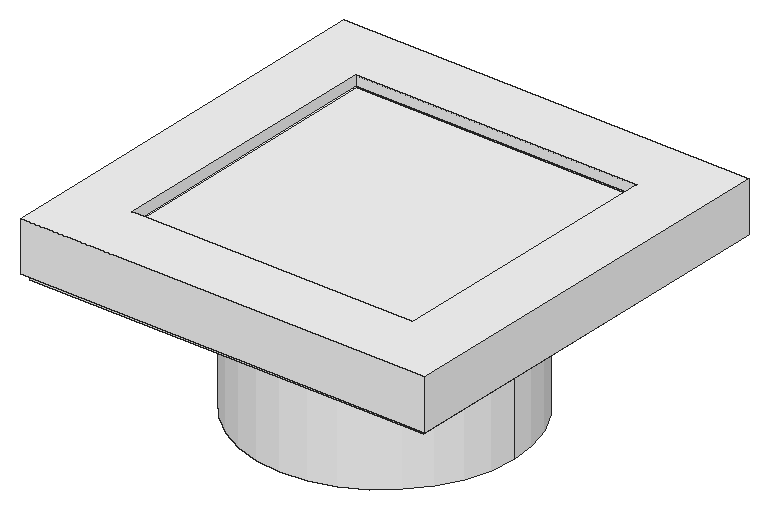
Revit family "Gira_012726", category Electrical Fixtures, host Face, Revit 2017
Family settings
  Host = Face
  Maintain Annotation Orientation = Yes
  Round Connector Dimension = Use Diameter
  Part Type = Normal
  Cut with Voids When Loaded = No
  Shared = No
  Room Calculation Point = No
Parameters (values of type "PB sw. interm.sw. System 55 c.alum.")
  With mounting plate = "No"
  Wiring system = "Intermediate switch"
  White [instance] = White
  Washing machine switch = "No"
  URL = "http://katalog.gira.de/en/datenblatt.html?artikelnr=012726"
  Type of fastening = "Mounting with claw and screw"
  Surface protection = "Other"
  Suitable for degree of protection (IP) = "IP20"
  Rated current = "10"
  Push button switch = "Yes"
  Number of rockers = "1"
  Number of modules (module system) = "1"
  Nominal voltage = "250"
  Name = "PB sw. interm.sw. System 55 c.alum."
  Mounting method = "Flush mounted (plaster)"
  Model = "Sys55_Komplettgerät_Schalten und Tasten"
  Method of operation = "Rocker/button"
  Material quality = "Thermoplastic"
  Material = "Plastic"
  Manufacturer URL = "https://www.gira.de/"
  Manufacturer = "Gira"
  Label space/information surface = "No"
  Illumination = "No"
  HeinzeBIM = "https://bimportal.heinze.de/bim/pb-sw-interm-sw-system-55-c-alum-/b68f160dfbaa5e9dd670ad837312954e21478e20"
  Halogen free = "Yes"
  HAN = "012726"
  GTIN = "4010337127260"
  Feedback-signal contact = "No"
  Description = "PB sw.interm.sw. Sys55 CAl,Pushbutton switch 10 AX 250 V~ with rocker,Intermediate switch,colour aluminium,"
  Default Elevation = 1219.2 mm
  Data sheet (1) = "https://katalog.gira.de/en/download.html?artikelnr=012726"
  Connection type = "Plug clamp"
  Colour = "Aluminium"
  Category = "Switch"
  BIM (1) = "https://media.stage.bim.site/public/gira/36a6b08/Sys55_Komplettgerät_Schalten und Tasten.rfa?public/gira/36a6b08/Sys55_Komplettgerät_Schalten und Tasten.rfa"
  Available = "No"
  Assembly arrangement = "Basic element with central cover plate"
Reference planes
  plane 1 "Center (Front/Back)": y = 0
  plane 2: z = 0
  plane 3 "Center (Left/Right)": x = 0
Forms (mm)
  Extrusion 1, solid, material "White" <- "White", detail levels medium
    sketch origin (0, 0, 0) x (1, 0, 0) y (0, 1, 0)
      loop
        line (-40.4, 40.4) -> (-40.4, -40.4) -> (40.4, -40.4) -> (40.4, 40.4) -> (-40.4, 40.4)
      loop
        line (-28, 28) -> (-28, -28) -> (28, -28) -> (28, 28) -> (-28, 28)
    from 0 to 10
  Extrusion 2, solid, material "White" <- "White", detail levels fine
    sketch origin (0, 0, 0) x (1, 0, 0) y (0, 1, 0)
      loop
        line (-40.4, 40.4) -> (-40.4, -40.4) -> (40.4, -40.4) -> (40.4, 40.4) -> (-40.4, 40.4)
      loop
        line (-28, 28) -> (-28, -28) -> (28, -28) -> (28, 28) -> (-28, 28)
    from 0 to 10
  Extrusion 3, void
    sketch origin (0, 0, 0) x (1, 0, 0) y (0, 1, 0)
      loop
        line (-38.4, 38.4) -> (-38.4, -38.4) -> (38.4, -38.4) -> (38.4, 38.4) -> (-38.4, 38.4)
    from 0 to 8
  Extrusion 4, solid, material "White" <- "White", detail levels medium+fine
    sketch origin (0, 0, 0) x (1, 0, 0) y (0, 1, 0)
      loop
        line (-39.4, 39.4) -> (-39.4, -39.4) -> (39.4, -39.4) -> (39.4, 39.4) -> (-39.4, 39.4)
    from 0 to -1
  Extrusion 5, solid, material "White" <- "White", detail levels medium+fine
    sketch origin (0, 0, 0) x (1, 0, 0) y (0, 1, 0)
      loop
        line (-35.5, 35.5) -> (-35.5, -35.5) -> (35.5, -35.5) -> (35.5, 35.5) -> (-35.5, 35.5)
    from -2 to -3
  Extrusion 6, solid, material "White" <- "White", detail levels medium+fine
    sketch origin (0, 0, 0) x (1, 0, 0) y (0, 1, 0)
      loop
        circle (0, 0) r 26
    from 0 to -27.5
  Extrusion 7, solid, material "White" <- "White", detail levels coarse
    sketch origin (0, 0, 0) x (1, 0, 0) y (0, 1, 0)
      loop
        line (-40.4, 40.4) -> (-40.4, -40.4) -> (40.4, -40.4) -> (40.4, 40.4) -> (-40.4, 40.4)
    from -27.5 to 10
Cuts and joins
  Extrusion 3 cuts Extrusion 2
Dimensions and locks
  aligned and locked: plane 2 to host face
  aligned and locked: level to host face
  aligned and locked: plane 3 "Center (Left/Right)" to nested 2
  aligned and locked: plane 1 "Center (Front/Back)" to nested 2
Nested families
  nested 1: "Sys55_Abdeckung_Schalten und Tasten_floor_base" at (0, 0, 0), type "Sys55_Abdeckung_Schalten und Tasten_floor_base"
  nested 2: "Schalter" at (0, 0, 0), type "Schalter"
Connectors
  electrical at (0, 0, -27.5)
    settings: on Extrusion 6, index 1, voltage 220 V, apparent load 0 VA, apparent load phase1 0 VA, apparent load phase2 0 VA, apparent load phase3 0 VA, power factor 1, load classification "Other", number of poles 1, system type 30, power factor state 1, is connector primary yes, connector utility no, sub classification motor no, connector description ""
Definition of nested family "Sys55_Abdeckung_Schalten und Tasten_floor_base"
  Parameters
    Default Elevation = 1219.2 mm
    White [instance] = none
  Reference planes
    plane 1 "Center (Front/Back)": y = 0
    plane 2: z = 0
    plane 3 "Center (Left/Right)": x = 0
  Forms (mm)
    Extrusion 1, solid
      sketch origin (0, 0, 0) x (1, 0, 0) y (0, 1, 0)
        loop
          line (-1219.2, 1219.2) -> (-1219.2, -1219.2) -> (1219.2, -1219.2) -> (1219.2, 1219.2) -> (-1219.2, 1219.2)
      from 0 to -304.8
    Extrusion 2, solid, material <- "White", detail levels fine
      sketch origin (0, 0, 0) x (1, 0, 0) y (0, 1, 0)
        loop
          line (-27.5, 27.5) -> (-27.5, -27.5) -> (27.5, -27.5) -> (27.5, 27.5) -> (-27.5, 27.5)
      from 0 to 8
    Extrusion 3, void
      sketch origin (0, 0, 0) x (1, 0, 0) y (0, 1, 0)
        loop
          line (26, 26) -> (-26, 26) -> (-26, -26) -> (26, -26) -> (26, 26)
      from 0 to 6
    Extrusion 4, solid, material <- "White", detail levels medium
      sketch origin (0, 0, 0) x (1, 0, 0) y (0, 1, 0)
        loop
          line (-27.5, 27.5) -> (-27.5, -27.5) -> (27.5, -27.5) -> (27.5, 27.5) -> (-27.5, 27.5)
      from 0 to 8
    Extrusion 5, solid, material <- "White", detail levels medium
      sketch origin (0, 0, 0) x (1, 0, 0) y (0, 1, 0)
        loop
          line (11, -17.5) -> (11, 17.5) -> (-11, 17.5) -> (-11, -17.5) -> (11, -17.5)
      from -6 to 6
    Extrusion 6, solid, material <- "White", detail levels fine
      sketch origin (0, 0, 0) x (1, 0, 0) y (0, 1, 0)
        loop
          line (11, 17.5) -> (-11, 17.5) -> (-11, 16.5) -> (11, 16.5) -> (11, 17.5)
        loop
          line (-11, -16.5) -> (-11, -17.5) -> (11, -17.5) -> (11, -16.5) -> (-11, -16.5)
      from -4 to 6
    Extrusion 7, solid, material <- "White", detail levels fine
      sketch origin (0, 0, 0) x (1, 0, 0) y (0, 1, 0)
        loop
          arc (5, 9.347) -> (0, 10.6) -> (-5, 9.347) r 10.6
          line (-5, 9.347) -> (-5, -9.347)
          arc (-5, -9.347) -> (0, -10.6) -> (5, -9.347) r 10.6
          line (5, -9.347) -> (5, 9.347)
      from -6 to 6
    Extrusion 8, solid, material <- "White", detail levels coarse
      sketch origin (0, 0, 0) x (1, 0, 0) y (0, 1, 0)
        loop
          line (-27.5, 27.5) -> (-27.5, -27.5) -> (27.5, -27.5) -> (27.5, 27.5) -> (-27.5, 27.5)
      from -6 to 8
  Cuts and joins
    Extrusion 3 cuts Extrusion 2
  Dimensions and locks
    aligned and locked: plane 2 to Extrusion 1
    aligned and locked: level to Extrusion 1
Definition of nested family "Schalter"
  Reference planes
    plane 1: y = 0
    plane 2: x = 0
  Lines and regions (mm)
    detail lines
      curve 1: circle (1.375, 2.778, 0) r 0.8 normal (0, 0, 1)
      curve 2: line (1.021, 2.061, 0) -> (0, 0, 0)
      curve 3: line (0, 0, 0) -> (-0.538, 0.266, 0)
  Dimensions and locks
    curve 2 to curve 2 = 2.3 mm
    curve 3 to curve 2 = 0.6 mm
    radius of curve 1 = 0.8 mm
